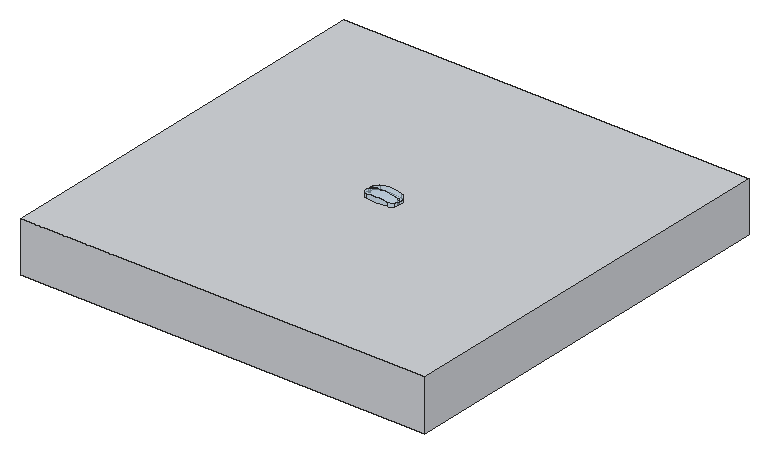
Revit family "GALAD Блистер LED", category Осветительные приборы, Revit 2018 (continued)
Types (3, lengths in mm): name | Файл фотометрической сетки | built-in parameter 1150142 | Материал рассеивателя | Материал корпуса | URL | IP | ADSK_Наименование краткое | ADSK_Наименование | ADSK_Марка | ADSK_Код изделия
    10.00 10.71 10.57 10.43 10.29 9.86 9.44 9.02 8.59 8.17 7.75 7.33 7.04 6.62 6.20 5.92 5.49 5.07 4.51 3.95 3.10 1.55 0.14 0.00 0.14 \r\n287.28 286.72 286.58 285.74 284.19 281.93 279.39 276.30 272.49 268.26 263.61 258.54 252.91 246.85 239.94 232.62 224.73 216.56 207.68 198.52 188.94 179.08 169.21 158.51 147.66 136.95 126.24 115.67 105.25 95.25 85.81 76.79 68.33 60.73 53.82 47.34 41.70 36.63 32.12 28.32 25.08 22.40 19.87 16.63 12.82 9.58 7.89 8.59 10.00 10.71 10.57 10.57 10.29 9.86 9.44 9.02 8.59 8.31 7.89 7.47 7.04 6.62 6.34 5.92 5.49 5.07 4.51 3.95 3.10 1.69 0.28 0.00 0.14 \r\n287.28 286.72 286.58 285.74 284.19 281.93 279.39 276.30 272.49 268.26 263.47 258.40 252.34 245.72 238.96 232.05 223.88 215.71 207.40 198.38 188.94 178.94 168.65 158.08 147.66 136.95 126.10 115.39 105.11 95.25 85.66 76.79 68.62 60.87 53.82 47.48 41.70 36.63 32.26 28.32 25.22 22.54 19.87 16.34 12.68 9.86 8.31 8.59 10.00 10.99 10.85 10.71 10.57 10.14 9.58 9.30 8.88 8.45 8.03 7.61 7.19 6.76 6.34 5.92 5.64 5.07 4.51 3.95 3.24 1.83 0.28 0.00 0.14 \r\n287.28 286.72 286.58 285.74 284.19 281.93 279.54 276.30 272.77 268.69 263.90 258.40 252.48 246.43 239.38 232.05 224.30 215.85 206.83 197.96 188.80 178.94 168.65 158.37 147.66 136.81 126.10 115.53 105.25 95.10 85.66 76.93 68.76 61.01 54.10 47.62 41.99 36.91 32.41 28.60 25.36 22.82 20.15 17.05 13.10 9.58 7.89 8.31 10.14 11.13 10.99 10.85 10.71 10.29 9.72 9.44 8.88 8.45 8.17 7.75 7.19 6.76 6.34 5.92 5.64 5.07 4.51 3.95 3.24 1.83 0.42 0.00 0.14 \r\n287.28 286.72 286.58 285.74 284.19 282.07 279.54 276.15 272.49 268.26 263.47 258.26 252.34 245.72 239.10 231.91 223.88 215.71 206.97 197.82 188.24 178.23 168.09 157.66 147.09 136.25 125.54 114.97 104.54 94.54 85.10 76.22 67.91 60.44 53.40 47.06 41.42 36.35 31.98 28.32 25.22 22.54 19.73 16.34 12.54 9.72 8.03 8.59 10.85 11.55 11.41 11.13 10.85 10.29 9.86 9.44 9.02 8.45 8.03 7.61 7.19 6.76 6.48 6.06 5.64 5.07 4.51 3.95 3.38 1.97 0.42 0.00 0.14 \r\n287.28 286.72 286.58 285.59 284.19 282.07 279.39 276.15 272.35 268.26 263.47 257.98 252.20 245.72 238.96 231.35 223.74 215.29 206.55 197.53 187.95 177.95 167.81 157.38 146.81 135.82 124.97 114.55 103.98 94.12 84.82 75.94 67.77 60.16 53.12 46.78 41.14 36.21 31.84 28.04 24.94 22.26 19.73 16.63 12.82 9.72 8.17 8.88 11.13 11.69 11.55 11.27 10.99 10.43 10.00 9.44 9.02 8.45 8.03 7.61 7.19 6.90 6.48 6.06 5.64 5.07 4.51 3.95 3.38 2.11 0.56 0.00 0.14 \r\n287.28 286.72 286.58 285.59 284.19 281.93 279.25 276.30 272.77 268.26 263.61 258.40 252.34 246.28 239.52 232.20 224.30 215.85 207.12 197.68 187.95 177.95 167.67 157.10 146.25 135.54 124.97 114.41 103.84 93.84 84.40 75.52 67.35 59.88 52.98 46.64 41.00 36.07 31.70 28.04 24.94 22.12 19.30 16.06 12.68 10.14 8.45 9.02 11.27 11.69 11.41 11.27 10.85 10.43 10.00 9.58 9.02 8.59 8.17 7.61 7.19 6.76 6.48 6.06 5.64 5.07 4.51 3.95 3.38 2.25 0.70 0.00 0.14 \r\n287.28 286.72 286.58 285.59 284.19 281.93 279.39 276.30 272.91 268.69 264.18 258.82 252.77 246.14 238.96 231.63 223.88 215.57 206.69 197.39 187.53 177.67 167.24 156.68 146.11 135.26 124.41 113.70 103.42 93.55 84.26 75.52 67.21 59.74 52.84 46.50 40.86 35.79 31.42 27.76 24.66 22.12 19.44 16.48 12.82 9.72 8.74 9.72 11.69 11.69 11.41 11.27 10.99 10.43 10.00 9.44 8.88 8.45 8.03 7.61 7.19 6.76 6.34 5.92 5.64 5.07 4.51 3.95 3.38 2.40 0.85 0.00 0.14 \r\n287.28 286.72 286.58 285.59 284.19 282.21 279.82 276.72 272.91 268.69 264.18 258.82 252.77 246.00 238.82 231.77 223.88 215.15 206.41 197.25 187.67 177.67 167.38 156.82 145.97 134.98 124.41 113.70 103.42 93.27 83.83 75.10 66.93 59.32 52.27 46.07 40.44 35.51 31.28 27.47 24.52 21.98 19.44 16.63 13.39 10.57 9.30 10.29 11.98 11.84 11.55 11.27 10.99 10.43 9.86 9.44 8.88 8.45 8.03 7.61 7.19 6.76 6.34 5.92 5.49 5.07 4.51 3.95 3.52 2.40 0.99 0.00 0.14 \r\n287.28 286.72 286.58 285.59 284.33 282.49 280.10 277.00 273.05 268.69 263.76 258.40 252.34 246.00 239.10 231.35 223.46 215.01 205.99 196.69 187.11 176.96 166.82 156.11 145.54 134.84 123.85 113.28 102.85 92.85 83.27 74.53 66.50 58.89 51.99 45.79 40.16 35.22 30.86 27.19 24.23 21.70 19.16 16.34 13.53 11.27 10.43 11.27 12.54 12.12 11.69 11.41 10.99 10.43 9.86 9.30 8.88 8.45 8.03 7.47 7.04 6.76 6.34 5.92 5.49 5.07 4.51 3.95 3.52 2.54 1.13 0.00 0.14 \r\n287.28 286.72 286.58 285.74 284.47 282.64 280.10 277.00 273.05 268.55 263.61 257.98 251.92 245.30 238.25 230.93 222.90 214.44 205.57 196.27 186.69 176.68 166.12 155.69 145.12 133.99 123.28 112.72 102.29 92.29 83.13 74.11 65.94 58.33 51.43 45.09 39.59 34.80 30.43 26.91 23.95 21.42 19.16 16.63 13.81 11.55 10.99 11.69 12.40 12.12 11.69 11.41 10.99 10.43 9.86 9.30 8.74 8.31 7.89 7.47 7.04 6.76 6.34 5.92 5.49 5.07 4.51 3.95 3.52 2.68 1.27 0.14 0.14 \r\n287.28 286.72 286.58 285.88 284.61 282.78 279.96 276.72 273.05 268.41 263.47 257.70 251.64 245.16 238.11 230.65 222.47 213.88 205.57 196.41 186.40 176.26 165.69 155.13 144.42 133.43 122.86 112.01 101.59 91.72 82.28 73.55 65.38 57.91 51.00 44.66 39.17 34.24 30.01 26.49 23.53 20.99 18.60 16.06 13.53 11.84 11.55 12.26 12.68 12.26 11.84 11.55 10.99 10.29 9.72 9.16 8.74 8.31 7.89 7.47 7.04 6.62 6.34 5.92 5.49 4.93 4.51 3.95 3.52 2.82 1.27 0.14 0.14 \r\n287.28 286.72 286.58 286.02 284.75 282.78 279.82 276.58 272.91 268.12 263.05 257.56 251.36 244.73 237.83 230.22 222.19 213.60 204.72 195.70 185.70 175.56 165.55 154.84 143.85 133.15 122.44 111.59 101.02 91.16 81.72 72.84 64.67 57.20 50.30 44.10 38.46 33.67 29.45 25.92 23.11 20.71 18.32 16.06 13.81 12.40 12.26 12.68 12.54 12.12 11.69 11.41 10.85 10.14 9.58 9.02 8.45 8.17 7.75 7.33 7.04 6.62 6.34 5.92 5.49 4.93 4.37 3.95 3.52 2.82 1.41 0.14 0.14 \r\n287.28 286.58 286.58 286.02 284.89 282.78 279.68 276.30 272.49 267.84 262.77 257.27 251.22 244.88 237.83 230.08 221.91 213.32 204.30 194.86 185.14 175.41 164.85 154.14 143.43 132.44 121.59 111.03 100.60 90.60 81.16 72.42 64.25 56.64 49.74 43.54 38.04 33.25 29.02 25.50 22.68 20.29 18.18 15.92 13.95 12.68 12.54 12.96 12.68 12.12 11.69 11.27 10.71 10.14 9.58 8.88 8.45 8.03 7.75 7.33 6.90 6.62 6.20 5.92 5.35 4.93 4.37 3.95 3.52 2.96 1.55 0.28 0.14 \r\n287.28 286.58 286.72 286.16 284.75 282.49 279.54 276.15 271.93 267.56 262.49 256.85 250.79 244.31 237.27 229.66 221.35 212.89 204.16 194.86 185.14 175.13 164.71 153.86 143.01 132.02 121.03 110.32 100.04 89.89 80.45 71.72 63.40 55.65 48.89 42.69 37.20 32.41 28.32 24.94 22.12 19.87 17.75 15.78 14.37 13.53 13.39 13.24 12.68 11.98 11.55 11.13 10.43 9.86 9.30 8.74 8.31 7.89 7.61 7.19 6.90 6.48 6.20 5.78 5.35 4.93 4.37 3.95 3.52 2.96 1.69 0.28 0.14 \r\n287.28 286.58 286.72 286.16 284.61 282.21 279.39 275.87 271.79 267.28 262.21 256.85 250.51 243.89 236.99 229.10 221.21 212.75 203.73 194.44 184.43 174.29 163.86 153.15 142.59 131.60 120.75 109.90 99.33 89.33 79.89 70.87 62.70 55.23 48.47 42.27 36.63 31.98 27.90 24.52 21.70 19.44 17.61 15.92 14.51 13.67 13.53 13.39 12.68 11.98 11.41 10.71 10.14 9.44 8.88 8.45 8.03 7.75 7.47 7.19 6.76 6.48 6.20 5.78 5.35 4.79 4.37 3.80 3.52 3.10 1.83 0.42 0.14 \r\n287.28 286.58 286.72 286.16 284.33 281.93 279.11 275.73 271.79 267.28 262.06 256.57 250.37 243.47 236.28 229.10 220.78 212.05 203.17 193.59 183.87 174.01 163.58 152.73 141.88 130.75 119.62 109.19 98.63 88.62 78.90 70.02 61.85 54.39 47.34 41.14 35.79 31.14 27.05 23.81 21.13 19.02 17.33 15.78 14.65 14.09 13.95 13.67 12.96 12.26 11.41 10.57 9.72 9.02 8.45 8.03 7.75 7.47 7.19 6.90 6.62 6.34 6.06 5.64 5.21 4.79 4.37 3.80 3.52 3.10 1.97 0.42 0.14 \r\n287.28 286.58 286.86 286.16 284.33 281.79 278.97 275.73 271.65 267.28 261.92 256.15 250.09 243.33 236.14 228.67 220.64 212.05 202.75 193.45 183.59 173.44 163.02 152.31 141.46 130.47 119.34 108.49 98.06 87.92 78.34 69.60 61.29 53.68 46.78 40.58 35.22 30.57 26.63 23.25 20.71 18.46 16.91 15.64 14.65 14.09 14.09 13.53 12.82 11.98 11.27 10.29 9.44 8.59 8.03 7.61 7.47 7.19 7.04 6.76 6.48 6.34 5.92 5.64 5.21 4.79 4.23 3.80 3.52 3.10 1.97 0.56 0.14 \r\n287.28 286.58 286.86 286.30 284.33 281.79 278.83 275.59 271.50 266.86 261.64 255.87 249.67 243.04 235.86 228.25 220.08 211.48 202.33 192.74 183.02 172.88 162.31 151.60 140.75 129.91 118.77 107.78 97.22 87.21 77.63 68.47 60.30 52.69 45.65 39.59 34.24 29.59 25.78 22.54 20.01 18.03 16.48 15.36 14.51 14.23 14.09 13.53 12.82 11.98 11.27 10.29 9.30 8.31 7.75 7.33 7.04 6.90 6.76 6.62 6.34 6.20 5.92 5.49 5.07 4.65 4.23 3.80 3.52 3.24 2.11 0.56 0.14 \r\n287.28 286.58 287.00 286.30 284.33 281.79 278.69 275.31 271.22 266.57 261.50 255.58 249.67 242.76 235.15 227.69 219.37 210.78 201.90 192.60 182.60 172.31 161.89 151.04 139.91 128.92 117.93 106.94 96.65 86.37 76.79 67.91 59.60 51.85 45.09 39.03 33.67 29.02 25.08 21.98 19.44 17.47 15.92 14.93 14.37 14.23 14.23 13.39 12.54 11.84 10.85 9.86 8.88 7.89 7.33 6.90 6.62 6.48 6.34 6.34 6.20 5.92 5.78 5.35 5.07 4.65 4.23 3.80 3.52 3.24 2.25 0.70 0.14 \r\n287.28 286.58 287.00 286.30 284.19 281.65 278.41 275.03 270.94 266.29 261.08 255.30 249.10 242.48 235.01 227.26 218.95 210.50 201.34 191.76 182.04 171.75 161.32 150.62 139.77 128.50 117.37 106.52 95.67 85.52 75.80 66.78 58.61 50.86 43.96 37.90 32.55 28.04 24.23 21.13 18.74 16.77 15.36 14.51 14.09 14.23 13.95 13.24 12.54 11.69 10.71 9.72 8.59 7.75 6.90 6.62 6.34 6.20 6.06 6.06 5.92 5.78 5.49 5.21 4.93 4.65 4.23 3.80 3.52 3.24 2.25 0.70 0.14 \r\n287.28 286.72 287.00 286.16 284.04 281.51 278.27 274.89 270.80 266.01 260.80 254.88 248.54 242.06 234.73 226.98 218.67 210.22 200.78 191.05 181.33 171.33 160.62 149.77 138.64 127.79 116.66 105.67 95.10 84.82 75.10 66.08 57.63 50.02 43.11 36.91 31.70 27.19 23.53 20.43 18.03 16.20 14.79 14.09 13.95 14.09 13.67 12.96 12.12 11.27 10.29 9.16 8.17 7.33 6.76 6.34 6.06 5.78 5.78 5.64 5.64 5.64 5.35 5.07 4.79 4.51 4.09 3.80 3.52 3.38 2.40 0.70 0.14 \r\n287.28 286.72 287.14 286.02 284.04 281.37 278.27 274.75 270.66 265.87 260.66 254.60 248.40 241.35 234.17 226.42 218.11 209.51 200.35 190.77 180.77 170.76 160.06 149.07 137.94 126.95 115.67 104.83 94.26 83.97 74.25 65.09 56.64 48.89 41.99 35.93 30.72 26.35 22.68 19.73 17.33 15.50 14.23 13.67 13.67 13.81 13.39 12.54 11.69 10.85 9.86 8.74 7.89 7.04 6.48 6.06 5.64 5.49 5.35 5.35 5.35 5.35 5.21 4.93 4.65 4.37 4.09 3.80 3.66 3.38 2.54 0.85 0.14 \r\n287.28 286.72 287.14 285.88 283.90 281.37 278.13 274.60 270.52 265.59 260.51 254.60 248.26 241.21 233.89 226.14 217.82 208.95 199.93 190.49 180.06 169.92 159.63 148.79 137.65 126.52 115.39 104.26 93.55 83.27 73.41 64.25 55.94 48.19 41.28 35.22 30.01 25.50 21.98 19.02 16.63 14.79 13.67 13.10 13.39 13.39 12.96 12.40 11.55 10.43 9.44 8.31 7.47 6.76 6.34 5.78 5.35 5.07 5.07 5.07 5.07 5.07 4.93 4.79 4.65 4.37 4.09 3.80 3.66 3.38 2.54 0.85 0.14 \r\n287.28 286.72 287.14 285.88 283.90 281.23 277.99 274.46 270.24 265.31 260.09 254.46 247.98 241.07 233.89 226.28 217.68 208.81 199.65 190.07 180.06 169.92 159.35 148.36 137.23 126.10 114.83 103.70 92.99 82.56 72.56 63.40 54.95 47.06 40.16 34.10 29.02 24.66 20.99 18.18 15.92 14.23 13.10 12.82 13.10 12.96 12.54 11.84 10.99 10.00 8.88 7.89 7.04 6.48 6.06 5.49 5.07 4.79 4.79 4.79 4.79 4.79 4.79 4.65 4.51 4.23 4.09 3.80 3.66 3.38 2.68 0.99 0.14 \r\n287.28 286.72 287.00 285.74 283.90 281.09 277.85 274.32 270.10 265.31 259.95 254.17 247.55 240.65 233.60 225.85 217.26 208.38 199.23 189.50 179.64 169.36 158.65 147.80 136.67 125.40 114.27 102.99 92.15 81.72 71.72 62.56 53.96 46.35 39.17 33.25 28.04 23.81 20.29 17.47 15.22 13.53 12.54 12.54 12.68 12.40 11.84 11.27 10.29 9.30 8.31 7.47 6.76 6.34 5.78 5.35 4.93 4.51 4.37 4.37 4.51 4.51 4.51 4.51 4.37 4.23 4.09 3.80 3.66 3.38 2.68 0.99 0.14 \r\n287.28 286.86 287.00 285.74 283.76 280.80 277.56 274.18 270.10 265.16 259.67 253.89 247.41 240.51 233.18 225.01 216.56 207.68 198.66 188.94 178.94 168.51 157.94 146.67 135.96 124.55 113.00 102.01 91.02 80.73 70.59 61.29 52.69 45.09 38.04 32.12 27.05 22.82 19.30 16.63 14.37 12.82 12.12 12.26 12.12 11.84 11.27 10.57 9.72 8.59 7.75 7.04 6.48 5.92 5.49 5.07 4.65 4.23 4.09 4.09 4.09 4.23 4.37 4.23 4.23 4.09 4.09 3.95 3.66 3.38 2.82 0.99 0.14 \r\n287.28 286.86 287.00 285.74 283.62 280.80 277.56 274.04 269.81 264.88 259.39 253.47 247.13 240.23 232.62 224.59 216.13 207.26 198.24 188.52 178.37 167.95 157.24 146.39 135.26 123.99 112.58 101.59 90.60 79.89 70.02 60.58 52.13 44.24 37.34 31.28 26.21 21.98 18.46 15.78 13.53 11.98 11.55 11.69 11.69 11.27 10.57 9.86 8.88 8.03 7.19 6.62 6.20 5.64 5.21 4.79 4.37 3.95 3.80 3.80 3.80 3.95 4.09 4.09 4.09 4.09 3.95 3.95 3.66 3.52 2.82 1.13 0.14 \r\n287.28 286.86 287.00 285.74 283.62 280.94 277.70 274.04 269.67 264.74 259.25 253.05 246.57 239.66 232.20 224.30 215.85 206.97 197.82 188.09 177.81 167.67 156.96 145.83 134.55 123.42 112.01 100.74 89.61 79.18 69.04 59.74 51.00 43.11 36.21 30.29 25.08 20.99 17.61 14.93 12.82 11.55 11.27 11.27 11.13 10.71 10.00 9.02 8.17 7.33 6.76 6.34 5.78 5.35 4.93 4.51 4.09 3.66 3.38 3.38 3.52 3.66 3.80 3.95 3.95 3.95 3.95 3.95 3.66 3.52 2.96 1.13 0.14 \r\n287.28 286.86 287.00 285.59 283.62 280.94 277.56 274.04 269.39 264.46 259.11 252.77 246.28 239.52 232.20 223.88 215.57 206.55 197.39 187.67 177.39 167.24 156.53 145.40 134.13 122.86 111.45 100.04 88.76 78.34 68.33 58.75 50.16 42.27 35.36 29.45 24.37 20.15 16.77 13.95 11.84 10.85 10.71 10.71 10.57 10.14 9.16 8.17 7.33 6.90 6.48 5.92 5.49 5.07 4.65 4.23 3.80 3.52 3.24 3.10 3.24 3.38 3.52 3.80 3.95 3.95 3.95 3.95 3.66 3.52 2.96 1.13 0.14 \r\n287.28 287.00 287.00 285.59 283.62 280.94 277.28 273.76 269.25 264.04 258.97 252.77 246.14 239.38 232.05 223.46 215.01 206.13 196.97 187.25 177.11 166.68 155.69 144.70 133.57 122.30 110.74 99.47 88.34 77.49 67.35 57.77 49.17 41.28 34.38 28.32 23.39 19.16 15.92 13.10 11.27 10.43 10.14 10.14 10.00 9.44 8.45 7.47 6.90 6.34 5.92 5.49 5.07 4.65 4.23 3.95 3.52 3.24 2.96 2.82 2.82 3.10 3.38 3.66 3.80 3.95 3.95 3.95 3.66 3.52 3.10 1.13 0.14 \r\n287.28 287.00 287.00 285.59 283.62 280.80 277.28 273.34 269.25 263.76 258.54 252.62 245.86 239.10 231.63 223.18 214.58 205.85 196.69 186.69 176.54 166.12 155.13 144.14 133.00 121.45 110.04 98.63 87.50 76.79 66.64 57.06 48.33 40.44 33.53 27.47 22.54 18.32 14.93 12.26 10.43 9.86 9.72 9.58 9.16 8.59 7.75 6.76 6.20 5.78 5.49 5.07 4.65 4.23 3.95 3.52 3.24 2.96 2.68 2.54 2.54 2.82 3.10 3.52 3.80 3.95 3.95 3.95 3.66 3.52 3.10 1.13 0.14 \r\n287.28 287.00 287.00 285.59 283.48 280.80 277.28 273.34 269.39 264.18 258.40 252.34 245.86 238.82 231.21 223.18 214.30 205.57 196.13 186.40 175.98 165.55 154.98 143.57 132.58 120.89 109.48 98.20 86.65 75.94 65.80 56.22 47.48 39.45 32.55 26.63 21.70 17.47 14.09 11.41 9.86 9.16 9.02 8.88 8.31 7.75 7.19 6.34 5.64 5.35 4.93 4.65 4.23 3.95 3.52 3.24 2.96 2.68 2.40 2.25 2.25 2.54 2.96 3.38 3.80 3.95 3.95 3.95 3.80 3.52 3.24 1.13 0.14 \r\n287.28 287.00 287.00 285.59 283.48 280.66 277.14 273.34 269.11 264.04 258.40 252.06 245.86 238.39 230.65 222.90 214.16 205.00 195.56 185.98 175.70 164.99 154.14 143.29 132.02 120.47 108.77 97.36 86.23 75.24 64.95 55.37 46.64 38.75 31.70 25.78 20.71 16.63 13.10 10.43 9.16 8.74 8.45 8.03 7.47 7.04 6.62 5.78 5.07 4.79 4.51 4.09 3.80 3.52 3.24 2.96 2.68 2.40 2.11 1.97 2.11 2.40 2.82 3.38 3.66 3.95 3.95 3.95 3.80 3.52 3.24 1.27 0.14 \r\n287.28 287.14 287.00 285.59 283.34 280.52 277.00 273.20 268.83 263.61 258.26 251.78 245.44 238.11 230.36 222.33 213.74 204.86 195.14 185.56 175.27 164.57 153.58 142.44 131.17 119.90 108.35 96.79 85.66 74.53 63.97 54.53 45.65 37.90 30.86 24.94 20.01 15.78 12.12 9.72 8.74 8.17 7.61 7.04 6.76 6.48 6.06 5.35 4.51 4.23 3.95 3.66 3.38 3.10 2.82 2.54 2.40 2.11 1.97 1.83 1.97 2.40 2.82 3.24 3.66 3.95 3.95 3.95 3.80 3.52 3.38 1.27 0.14 \r\n287.28 287.14 287.00 285.45 283.34 280.52 276.86 273.05 268.83 263.76 257.98 251.64 245.02 237.97 230.36 221.91 213.46 204.44 194.86 185.00 174.85 164.42 153.01 142.44 130.89 119.34 107.50 96.09 84.82 73.97 63.40 53.96 44.95 37.34 30.15 24.23 19.16 14.79 11.27 9.16 8.17 7.33 6.76 6.34 6.20 5.92 5.49 4.79 4.09 3.66 3.38 3.24 2.96 2.68 2.54 2.25 2.11 1.97 1.83 1.69 1.83 2.25 2.68 3.24 3.66 3.95 3.95 3.95 3.80 3.66 3.38 1.27 0.14 \r\n287.28 287.14 287.00 285.45 283.34 280.66 276.86 273.05 268.83 263.61 257.98 251.78 244.73 237.55 230.36 221.91 213.32 204.16 194.72 184.43 174.57 164.00 152.87 141.74 130.05 118.77 107.08 95.67 84.11 73.12 62.84 53.12 44.38 36.49 29.45 23.53 18.46 13.81 10.29 8.59 7.61 6.62 6.06 5.78 5.49 5.21 4.93 4.37 
